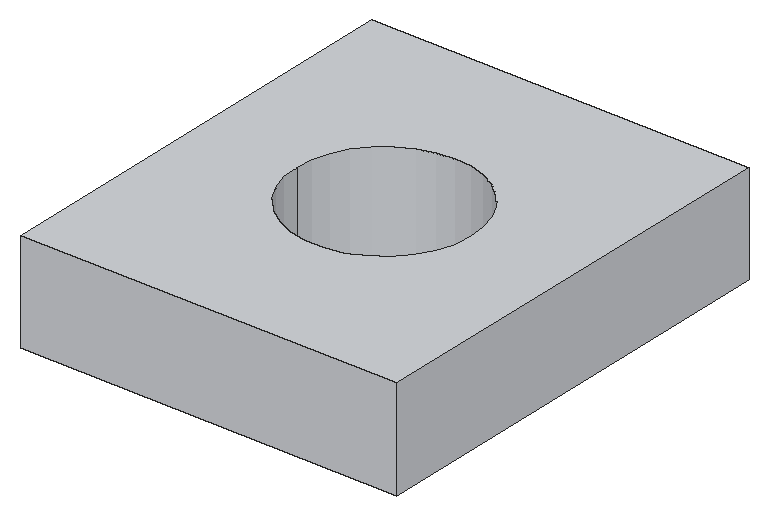
Revit family "Gewindeplatte Vierkant", category HLS-Bauteile, Revit 2017
Family settings
  Bemaßung runder Anschluss = Durchmesser verwenden
  Teiletyp = Normal
  Arbeitsebenenbasiert = Ja
  Immer vertikal = Nein
  Beim Laden mit Abzugskörper schneiden = Nein
  Gemeinsam genutzt = Ja
  Raumberechnungspunkt = Nein
Parameters (values of type "Gewindeplatte Vierkant 30x 35x8 M16")
  vpe = "50 St"
  d2 = 7 mm
  Default Elevation = 1219.2 mm
  Stärke Material = 8 mm
  Schienenbreite = "35 mm"
  S = 8 mm
  Regelhalter [instance] = ""
  Profiltyp = "35, 45"
  Profil = "C-Profil"
  Plattentyp = ""
  Oberflaeche = "galvanisch verzinkt"
  Mengeneinheit = "St"
  Materialname = "S235"
  Material = "Stahl"
  Länge = 35 mm
  L = 35 mm
  Kurztext2 = "M16 vierkant 35 x 30 mm gvz"
  Kurztext1 = "Gewindeplatte"
  Gewinde = "M16"
  Gewicht pro Bauteil = Gewicht  # 0.0571 kg
  Gewicht = 0.0571 kg
  Form = "vierkant"
  Firma = "MEFA Befestigungs- und Montagesysteme GmbH"
  Fabrikat = "MEFA"
  EAN = "4250928420190"
  Deckentyp = ""
  Breite = 30 mm
  B = 30 mm
  Artikelnummer = "0816146"
  Anzugsmoment = 0 N·m
  Abmessung = "35 x 30 x 8 mm"
Types (5, lengths in mm): name | d2 | Stärke Material | S | Kurztext2 | Gewinde | Gewicht pro Bauteil | Gewicht | EAN | Artikelnummer | Abmessung
  (no name) | 7 | 8 | 8 | "M16 vierkant 35 x 30 mm gvz" | "M16" | 0.0571 kg | 0.0571 kg | "4250928420190" | "0816146" | "35 x 30 x 8 mm"
  Gewindeplatte Vierkant 30x35x6 M 8 | 3.3 | 6 | 8 | "M8 vierkant 35 x 30 mm gvz" | "M8" | 0.0477 kg | 0.0477 kg | "4250928420169" | "0816112" | "35 x 30 x 6 mm"
  Gewindeplatte Vierkant 30x35x6 M10 | 4.2 | 6 | 6 | "M10 vierkant 35 x 30 mm gvz" | "M10" | 0.0467 kg | 0.0467 kg | "4250928420176" | "081612001" | "35 x 30 x 6 mm"
  Gewindeplatte Vierkant 30x35x6 M12 | 5.1 | 6 | 6 | "M12 vierkant 35 x 30 mm gvz" | "M12" | 0.0457 kg | 0.0457 kg | "4250928420183" | "081613801" | "35 x 30 x 6 mm"
  Gewindeplatte Vierkant 30x 35x8 M16 | 7 | 8 | 8 | "M16 vierkant 35 x 30 mm gvz" | "M16" | 0.0571 kg | 0.0571 kg | "4250928420190" | "0816146" | "35 x 30 x 8 mm"
Reference planes
  plane 1 "Mitte (Vorne/hinten)": y = 0
  plane 2: z = 0
  plane 3 "Mitte (Links/rechts)": x = 0
  plane 4: x = 15
  plane 5: y = 17.5
  plane 6: x = -15
  plane 7: y = -17.5
  plane 8: z = 8
Forms (mm)
  Extrusion 1, solid
    sketch origin (0, 0, 0) x (1, 0, 0) y (0, 1, 0)
      loop
        line (15, -17.5) -> (15, 17.5) -> (-15, 17.5) -> (-15, -17.5) -> (15, -17.5)
    from 0 to 8
  Extrusion 2, void, detail levels fine
    sketch origin (0, 0, 0) x (1, 0, 0) y (0, 1, 0)
      loop
        circle (0, 0) r 7
    from 0 to 20
Cuts and joins
  Extrusion 2 cuts Extrusion 1
Dimensions and locks
  equal spacing: plane 6, plane 3 "Mitte (Links/rechts)", plane 4
  equal spacing: plane 7, plane 1 "Mitte (Vorne/hinten)", plane 5
  "B": plane 6 to plane 4
  "L": plane 7 to plane 5
  "S": level to plane 8
  "d2": radius of Extrusion 2 sketch curve
  aligned and locked: level to plane 2
  aligned and locked: plane 4 to Extrusion 1
  aligned and locked: plane 5 to Extrusion 1
  aligned and locked: plane 6 to Extrusion 1
  aligned and locked: plane 7 to Extrusion 1
  aligned and locked: plane 8 to Extrusion 1
Automatic sketch dimensions
  Extrusion 1 sketch curve to plane 6 = 0 mm
  Extrusion 1 sketch curve to plane 4 = 0 mm
  Extrusion 1 sketch curve to plane 7 = 0 mm
  plane 5 to Extrusion 1 sketch curve = 0 mm
  plane 1 "Mitte (Vorne/hinten)" to Extrusion 2 sketch curve = 0 mm
  Extrusion 2 sketch curve to plane 3 "Mitte (Links/rechts)" = 0 mm
